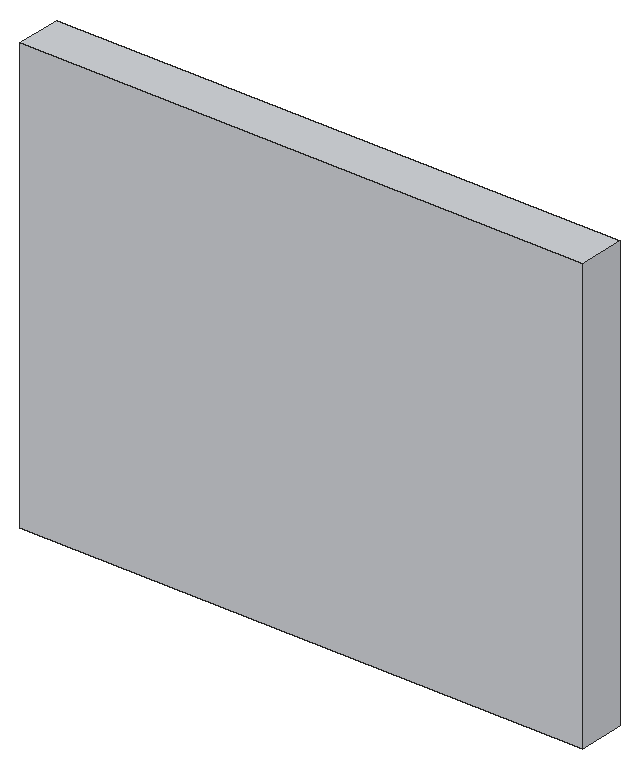
Revit family "АВЛН_Доска школьная", category Мебель, Revit 2019
Family settings
  Номер OmniClass = 23.40.20.00
  Заголовок OmniClass = General Furniture and Specialties
  На основе рабочей плоскости = Да
  Всегда вертикально = Да
  При загрузке вырезать с полостями = Нет
  Общий = Нет
  Точка расчета площади = Нет
Parameters (values of type "Боковая демонстрационная панель 1200х300мм")
  Ширина центральной доски = ADSK_Размер_Длина - Ширина боковых досок * 2  # 1205 mm
  Ширина боковых досок = 1020 mm
  Угол обзора = 45.00°
  Default Elevation = 0 mm
  Описание = "Боковая демонстрационная панель 1200х300мм (2\r\nшт.), в комплекте с полками, крючками, магнитными\r\nдержателями и кронштейнами."
  Type Comments = ""
  Keynote = ""
  Изготовитель = "Россия"
  Длина линии обзора = 4000 mm
  Группа модели = "Оборудование основных помещений школы"  # constant formula
  Высота средней доиски = 930 mm
  Боковые доски = no
  ADSK_Размер_Ширина = 150 mm
  ADSK_Размер_Длина = 3245 mm
  ADSK_Размер_Высота = 1000 mm
  ADSK_Обозначение = ""
  ADSK_Масса = 0
  ADSK_Код изделия = ""
  ADSK_Единица измерения = "шт"  # constant formula
Types (4, lengths in mm): name | Ширина центральной доски | Ширина боковых досок | Угол обзора | Описание | Изготовитель | Боковые доски | ADSK_Обозначение
  (no name) | 1205 | 1020 | 45.00° | "Боковая демонстрационная панель 1200х300мм (2\r\nшт.), в комплекте с полками, крючками, магнитными\r\nдержателями и кронштейнами." | "Россия" | no | ""
  Доска для основной средней школы | 1745 | 750 | 35.00° | "Интерактивная панель Smart SBID-MX265-V2 (в\r\nсоставе интерактивной панели SBID-MX065 с ключом\r\nактивации SMART Learning Suite\r\nШирина 1516мм, высота 932мм, глубина 95мм\r\nДиагональ – 65\"\r\nТехнология – HyprTouch\r\nРазрешение доски – 3840 х 2160 (4К UHD)\rЯркость – 400кд/кв.м.\r\nЭнергопотребление – 109 Вт\r\nУгол обзора – 178°" | "FOROOFFICE" | yes | "SBID-MX265-V2"
  Доска для начальной школы | 1745 | 750 | 45.00° | "Интерактивная панель Smart SBID-MX265-V2 (в\r\nсоставе интерактивной панели SBID-MX065 с ключом\r\nактивации SMART Learning Suite\r\nШирина 1516мм, высота 932мм, глубина 95мм\r\nДиагональ – 65\"\r\nТехнология – HyprTouch\r\nРазрешение доски – 3840 х 2160 (4К UHD)\rЯркость – 400кд/кв.м.\r\nЭнергопотребление – 109 Вт\r\nУгол обзора – 178°" | "FOROOFFICE" | yes | "SBID-MX265-V2"
  Боковая демонстрационная панель 1200х300мм | 1205 | 1020 | 45.00° | "Боковая демонстрационная панель 1200х300мм (2\r\nшт.), в комплекте с полками, крючками, магнитными\r\nдержателями и кронштейнами." | "Россия" | no | ""
Reference planes
  plane 1 "По центру (Вперед/Назад)": y = 0
  plane 2: z = 0
  plane 3 "По центру (Влево/Вправо)": x = 0
  plane 4: z = 1000
  plane 5: y = -150
  plane 6: x = 1622.5
  plane 7: x = -1622.5
  plane 8: x = 602.5
  plane 9: x = -602.5
  plane 10: z = 930
Forms (mm)
  Extrusion 1, solid, visible <- "Боковые доски"
    sketch origin (0, -518.993, 592.976) x (-1, 0, 0) y (0, -1, 0)
      loop
        line (602.5, -518.993) -> (652.5, -518.993) -> (652.5, -418.993) -> (602.5, -418.993) -> (602.5, -518.993)
      loop
        line (-602.5, -518.993) -> (-602.5, -418.993) -> (-652.5, -418.993) -> (-652.5, -518.993) -> (-602.5, -518.993)
      loop
        line (-1622.5, -518.993) -> (-1572.5, -518.993) -> (-1572.5, -418.993) -> (-1622.5, -418.993) -> (-1622.5, -518.993)
      loop
        line (1622.5, -518.993) -> (1622.5, -418.993) -> (1572.5, -418.993) -> (1572.5, -518.993) -> (1622.5, -518.993)
    from -592.976 to 407.024
Lines and regions (mm)
  symbolic lines, style "FurnitureHiddenLines"
    curve 1: line (1622.5, -150, 592.976) -> (-1205.927, -2978.427, 592.976)
    curve 2: line (-1622.5, -150, 592.976) -> (1205.927, -2978.427, 592.976)
Dimensions and locks
  plane 2 to plane 4 = 1000 mm
  equal spacing: plane 7, plane 3 "По центру (Влево/Вправо)", plane 6
  "ADSK_Размер_Ширина": plane 5 to plane 1 "По центру (Вперед/Назад)"
  "ADSK_Размер_Высота": level to plane 4
  "ADSK_Размер_Длина": plane 7 to plane 6
  "Ширина боковых досок": plane 7 to plane 9
  "Ширина боковых досок": plane 8 to plane 6
  "Высота средней доиски": level to plane 10
  locked: Extrusion 1 sketch curve to plane 9 at 50
  locked: plane 8 to Extrusion 1 sketch curve at 50
  locked: Extrusion 1 sketch curve to plane 6 at 50
  locked: plane 7 to Extrusion 1 sketch curve at 50
  "Длина линии обзора": curve 2 to curve 2
  "Длина линии обзора": curve 1 to curve 1
  Extrusion 1 to plane 8 = 1205 mm
  "Угол обзора": angle plane 5 to curve 1
  "Угол обзора": angle curve 2 to plane 5
  aligned and locked: level to plane 2
  aligned and locked: Extrusion 1 sketch curve to plane 1 "По центру (Вперед/Назад)"  (x2)
  aligned and locked: plane 6 to Extrusion 1 sketch curve
  aligned and locked: plane 7 to Extrusion 1 sketch curve
  aligned and locked: Extrusion 1 to level
  aligned and locked: Extrusion 1 to plane 4
  aligned and locked: plane 6 to curve 1
  aligned and locked: plane 5 to curve 1
  aligned and locked: plane 5 to curve 2
  aligned and locked: plane 7 to curve 2
  aligned and locked: nested 1 to plane 5
  aligned and locked: nested 1 to plane 9
  aligned and locked: plane 7 to nested 1
  aligned and locked: nested 1 to Extrusion 1
  aligned and locked: plane 9 to nested 2
  aligned and locked: nested 2 to plane 8
  aligned and locked: plane 1 "По центру (Вперед/Назад)" to nested 2
  aligned and locked: nested 3 to plane 5
  aligned and locked: plane 6 to nested 3
  aligned and locked: nested 1 to level
  aligned and locked: nested 3 to level
  aligned and locked: nested 2 to level
  aligned and locked: plane 8 to nested 3
Automatic sketch dimensions
  Extrusion 1 sketch curve to plane 8 = 0 mm
  plane 1 "По центру (Вперед/Назад)" to Extrusion 1 sketch curve = 0 mm  (x2)
  Extrusion 1 sketch curve to plane 9 = 0 mm
  plane 5 to Extrusion 1 sketch curve = 50 mm  (x4)
Nested families
  nested 1: "Доска классная комбинированная" at (-1112.5, -100, 0), visible <- "Боковые доски", type "Доска классная комбинированная"
    with ADSK_Размер_Ширина 50 mm, ADSK_Размер_Длина 1020 mm, ADSK_Размер_Высота 1000 mm
  nested 2: "Доска классная комбинированная" at (0, 0, 0), type "Доска классная комбинированная"
    with ADSK_Размер_Ширина 100 mm, ADSK_Размер_Длина 1205 mm, ADSK_Размер_Высота 930 mm
  nested 3: "Доска классная комбинированная" at (1112.5, -100, 0), visible <- "Боковые доски", type "Доска классная комбинированная"
    with ADSK_Размер_Ширина 50 mm, ADSK_Размер_Длина 1020 mm, ADSK_Размер_Высота 1000 mm
Definition of nested family "Доска классная комбинированная"
  Parameters (values of type "Доска классная комбинированная")
    Description = "Доска классная комбинированная с 2-мя рабочими по\u0002верхностями, 750х1000 мм,\r\n(магнитно-меловая) темно-зеленого цвета с\r\nантибликовым покрытием, комплект из 2шт (монтаж с\r\nучетом, что интерактивная панель располагается\r\nмежду досками классными)"
    Type Comments = ""
    Keynote = ""
    Manufacturer = ""
    Model = "Оборудование основных помещений школы"  # constant formula
    ADSK_Размер_Ширина [instance] = 100 mm
    ADSK_Размер_Длина [instance] = 500 mm
    ADSK_Размер_Высота [instance] = 600 mm
    ADSK_Обозначение = ""
    ADSK_Масса = 0
    ADSK_Код изделия = ""
    ADSK_Единица измерения = "шт"  # constant formula
  Types (3, lengths in mm): name | Description | Manufacturer | ADSK_Обозначение
    (no name) | "Доска классная комбинированная с 2-мя рабочими по\u0002верхностями, 750х1000 мм,\r\n(магнитно-меловая) темно-зеленого цвета с\r\nантибликовым покрытием, комплект из 2шт (монтаж с\r\nучетом, что интерактивная панель располагается\r\nмежду досками классными)" | "" | ""
    Интерактивная панель Smart SBID | "Интерактивная панель Smart SBID-MX265-V2 (в\r\nсоставе интерактивной панели SBID-MX065 с ключом\r\nактивации SMART Learning Suite\r\nШирина 1516мм, высота 932мм, глубина 95мм\r\nДиагональ – 65\"\r\nТехнология – HyprTouch\r\nРазрешение доски – 3840 х 2160 (4К UHD)Яркость – 400кд/кв.м.\r\nЭнергопотребление – 109 Вт\r\nУгол обзора – 178°" | "FOROOFFICE" | "SBID-MX265-V2"
    Доска классная комбинированная | "Доска классная комбинированная с 2-мя рабочими по\u0002верхностями, 750х1000 мм,\r\n(магнитно-меловая) темно-зеленого цвета с\r\nантибликовым покрытием, комплект из 2шт (монтаж с\r\nучетом, что интерактивная панель располагается\r\nмежду досками классными)" | "" | ""
  Reference planes
    plane 1 "По центру (Вперед/Назад)": y = 0
    plane 2: z = 0
    plane 3 "По центру (Влево/Вправо)": x = 0
    plane 4: z = 600
    plane 5: x = -250
    plane 6: y = -100
    plane 7: x = 250
  Forms (mm)
    Extrusion 1, solid
      sketch origin (0, -518.993, 592.976) x (-1, 0, 0) y (0, -1, 0)
        loop
          line (250, -518.993) -> (250, -418.993) -> (-250, -418.993) -> (-250, -518.993) -> (250, -518.993)
      from -592.976 to 7.024
  Dimensions and locks
    plane 2 to plane 4 = 600 mm
    equal spacing: plane 5, plane 3 "По центру (Влево/Вправо)", plane 7
    "ADSK_Размер_Длина": plane 5 to plane 7
    "ADSK_Размер_Ширина": plane 1 "По центру (Вперед/Назад)" to plane 6
    "ADSK_Размер_Высота": plane 4 to level
    aligned and locked: level to plane 2
    aligned and locked: plane 1 "По центру (Вперед/Назад)" to Extrusion 1 sketch curve
    aligned and locked: plane 5 to Extrusion 1 sketch curve
    aligned and locked: plane 6 to Extrusion 1 sketch curve
    aligned and locked: plane 7 to Extrusion 1 sketch curve
    aligned and locked: Extrusion 1 to level
    aligned and locked: Extrusion 1 to plane 4
